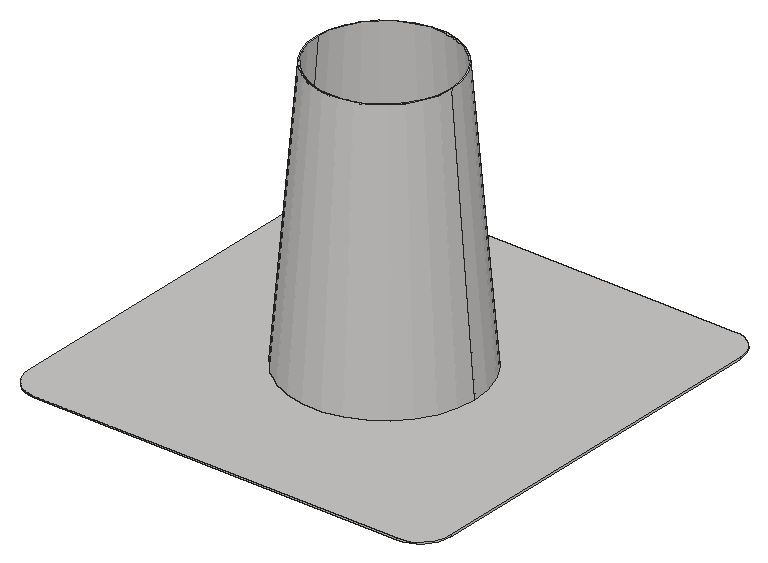
Revit family "Plumbing_Other-Plumbing_Menzies-Metal_B-Vent-Flat-Galvanized (2)", category Plumbing Fixtures, host Face, Revit 2018
Family settings
  Host = Face
  Round Connector Dimension = Use Diameter
  Part Type = Normal
  OmniClass Number = 23.70.50.21.24.11
  OmniClass Title = Roof Waste Water Drains
  Cut with Voids When Loaded = No
  Shared = No
  Room Calculation Point = No
Parameters (values of type "Refer to Type Catalog")
  d_0.08 [instance] = Pipe Diameter Bottom - 0.08"  # 5.92"
  Weight = 1.70 lbf
  Waste Connection = no
  Vent Connection = no
  URL = "https://www.menzies-metal.com/flat-roofing/b-vent-flat-galvanized/"
  Product data url = "https://www.bimobject.com/menzies-metal/product/b-vent-galvanized"
  Product Material = Metal - Menzies Metal Products - Galvanized Steel
  Product Guid = "a194c340-3b08-4c67-9a82-de1bd8b8feb7"
  Pipe Length = 9"
  Pipe Diameter Top = 4 1/2"
  Pipe Diameter Bottom = Pipe Diameter Top + 1.5"  # 6"
  Model = "602-1405HW"
  Manufacturer = "Menzies Metal Products"  # constant formula
  HW Connection = no
  Edition number = 1
  Drain Flow = 0 GPM
  Description = "B Vent Flat Galvanized"  # constant formula
  Default Elevation = 48"
  CW Connection = no
  Assembly Code = "D2040200"
Reference planes (in)
  plane 1 "Center (Front/Back)": y = 0
  plane 2: z = 0
  plane 3 "Center (Left/Right)": x = 0
  plane 4: z = 9
  plane 5: x = -3
  plane 6: x = 3
  plane 7: z = 0.8
  plane 8: x = -2.25
  plane 9: x = 2.25
  plane 10: x = -2.25
  plane 11: x = 2.25
  plane 12: x = -3
  plane 13: x = 3
  plane 14: x = 0
  plane 15: y = 0
  plane 16: y = 3
  plane 17: y = -3
  plane 18: x = -3
  plane 19: x = 3
  plane 20: x = 0
  plane 21: y = 0
  plane 22: x = -2.96
  plane 23: x = 2.96
  plane 24: y = 2.96
  plane 25: y = -2.96
Forms (in)
  Revolve 1, solid, material "Metal - Menzies Metal Products - Galvanized Steel" <- "Product Material", detail levels medium+fine
    sketch origin (0, 0, 0) x (1, 0, 0) y (0, 0, 1)
      loop
        line (-2.20982, 9) -> (-2.25, 9) -> (-3, 0.04) -> (-2.95982, 0.04) -> (-2.20982, 9)
      axis (0, 9) -> (0, 0.04)
    angle from 0 to 360
  Revolve 2, solid, material "Metal - Menzies Metal Products - Galvanized Steel" <- "Product Material", detail levels coarse
    sketch origin (0, 0, 0) x (1, 0, 0) y (0, 0, 1)
      loop
        line (-3, 0.04) -> (0, 0.04) -> (0, 9) -> (-2.25, 9) -> (-3, 0.04)
      axis (0, 9) -> (0, 0.04)
    angle from 0 to 360
  Extrusion 3, solid, material "Metal - Menzies Metal Products - Galvanized Steel" <- "Product Material", detail levels coarse
    sketch origin (0, 0, 0) x (1, 0, 0) y (0, 1, 0)
      loop
        line (-7, 7) -> (-7, -7) -> (7, -7) -> (7, 7) -> (-7, 7)
    from 0 to 0.04
  Extrusion 4, solid, material "Metal - Menzies Metal Products - Galvanized Steel" <- "Product Material", detail levels medium+fine
    sketch origin (0, 0, 0) x (1, 0, 0) y (0, 1, 0)
      loop
        line (6, 7) -> (-6, 7)
        arc (-6, 7) -> (-6.70711, 6.70711) -> (-7, 6) r 1
        line (-7, 6) -> (-7, -6)
        arc (-7, -6) -> (-6.70711, -6.70711) -> (-6, -7) r 1
        line (-6, -7) -> (6, -7)
        arc (6, -7) -> (6.70711, -6.70711) -> (7, -6) r 1
        line (7, -6) -> (7, 6)
        arc (7, 6) -> (6.70711, 6.70711) -> (6, 7) r 1
      loop
        circle (0, 0) r 2.96
    from 0 to 0.04
Lines and regions (in)
  Masking region 1, detail levels medium+fine
    outline origin (0, 0, 0) x (1, 0, 0) y (0, 1, 0)
      loop
        line (-7, 6) -> (-7, -6)
        arc (-7, -6) -> (-6.70711, -6.70711) -> (-6, -7) r 1
        line (-6, -7) -> (6, -7)
        arc (6, -7) -> (6.70711, -6.70711) -> (7, -6) r 1
        line (7, -6) -> (7, 6)
        arc (7, 6) -> (6.70711, 6.70711) -> (6, 7) r 1
        line (6, 7) -> (-6, 7)
        arc (-6, 7) -> (-6.70711, 6.70711) -> (-7, 6) r 1
  Masking region 2, detail levels coarse
    outline origin (0, 0, 0) x (1, 0, 0) y (0, 1, 0)
      loop
        line (-7, 7) -> (-7, -7) -> (7, -7) -> (7, 7) -> (-7, 7)
  symbolic lines
    curve 1: arc (2.25, 0, 0) -> (0, 2.25, 0) -> (-2.25, 0, 0) r 2.25
    curve 2: arc (-2.25, 0, 0) -> (0, -2.25, 0) -> (2.25, 0, 0) r 2.25
    curve 3: arc (2.20982, 0, 0) -> (0, -2.20982, 0) -> (-2.20982, 0, 0) r 2.20982
    curve 4: arc (-2.20982, 0, 0) -> (0, 2.20982, 0) -> (2.20982, 0, 0) r 2.20982
    curve 5: arc (3, 0, 0) -> (0, 3, 0) -> (-3, 0, 0) r 3
    curve 6: arc (-3, 0, 0) -> (0, -3, 0) -> (3, 0, 0) r 3
Dimensions and locks (in)
  "Pipe Length": plane 4 to host face
  equal spacing: plane 6, plane 3 "Center (Left/Right)", plane 5
  "Pipe Diameter Bottom": plane 6 to plane 5
  equal spacing: plane 8, plane 3 "Center (Left/Right)", plane 9
  "Pipe Diameter Top": plane 8 to plane 9
  equal spacing: plane 10, plane 3 "Center (Left/Right)", plane 11
  "Pipe Diameter Top": plane 10 to plane 11
  equal spacing: plane 13, plane 3 "Center (Left/Right)", plane 12
  "Pipe Diameter Bottom": plane 13 to plane 12
  Revolve 1 sketch curve to Revolve 1 sketch curve = 0.04004"
  equal spacing: plane 16, plane 15, plane 17
  "Pipe Diameter Bottom": plane 16 to plane 17
  equal spacing: plane 18, plane 14, plane 19
  "Pipe Diameter Bottom": plane 18 to plane 19
  plane 16 to Extrusion 3 sketch curve = 4"
  Extrusion 3 sketch curve to plane 18 = 4"
  equal spacing: plane 22, plane 20, plane 23
  "d_0.08": plane 22 to plane 23
  equal spacing: plane 24, plane 21, plane 25
  "d_0.08": plane 24 to plane 25
  aligned and locked: plane 2 to host face
  aligned and locked: level to host face
  aligned and locked: plane 4 to Revolve 1 sketch curve
  aligned and locked: Revolve 2 sketch curve to Revolve 1  (x2)
  aligned and locked: Revolve 2 sketch curve to plane 3 "Center (Left/Right)"
  aligned and locked: plane 12 to Revolve 2 sketch curve
  aligned and locked: plane 5 to Revolve 1 sketch curve
  aligned and locked: plane 8 to Revolve 1 sketch curve
  aligned and locked: plane 15 to Revolve 2
  aligned and locked: Extrusion 3 to Revolve 1
  aligned and locked: Extrusion 3 to Extrusion 4 sketch curve  (x4)
  aligned and locked: Extrusion 4 to Revolve 1
  aligned and locked: plane 21 to Extrusion 4 sketch curve  (x2)
  aligned and locked: plane 22 to Extrusion 4 sketch curve
  aligned and locked: plane 23 to Extrusion 4 sketch curve
  aligned and locked: Masking region 1 sketch curve to Extrusion 4  (x4)
  aligned and locked: curve 1 to Revolve 2
  aligned and locked: curve 2 to Revolve 2
  aligned and locked: curve 3 to Revolve 1
  aligned and locked: curve 4 to Revolve 1
  aligned and locked: curve 5 to Revolve 2
  aligned and locked: curve 6 to Revolve 2
  aligned and locked: Masking region 2 sketch curve to Extrusion 3  (x4)
Automatic sketch dimensions
  host sketch curve to host sketch curve = 94.66418"
  host sketch curve to host sketch curve = 96"
  Revolve 1 sketch curve to plane 3 "Center (Left/Right)" = 0"
  level to Revolve 1 sketch curve = 0.04"
  Revolve 1 sketch curve to level = 24"
  plane 4 to Revolve 1 sketch curve = 87.93967"
  plane 10 to Revolve 2 sketch curve = 0"
  Revolve 2 sketch curve to plane 3 "Center (Left/Right)" = 0"
  Revolve 2 sketch curve to level = 24"
  Revolve 2 sketch curve to Revolve 2 sketch curve = 90.99834"
  Extrusion 3 sketch curve to plane 19 = 4"
  plane 17 to Extrusion 3 sketch curve = 4"
  plane 1 "Center (Front/Back)" to Extrusion 4 sketch curve = 0"
  Extrusion 4 sketch curve to Extrusion 4 sketch curve = 1"  (x4)
  Extrusion 4 sketch curve to Extrusion 4 sketch curve = 0"  (x2)
